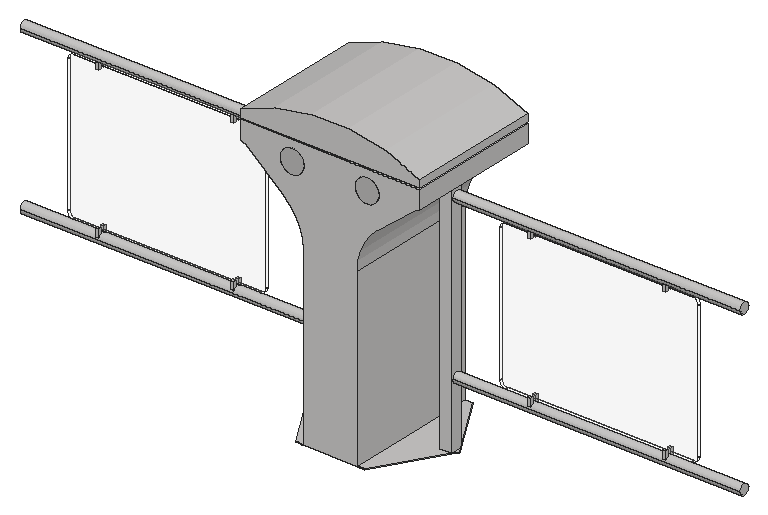
Revit family "CAME_Турникет_Калитка_SALOON_605СдвоеннаяДляМГН", category Специальное оборудование, Revit 2019
Family settings
  Размер круглого соединителя = Использовать диаметр
  Тип детали = Нормальный
  На основе рабочей плоскости = Нет
  Всегда вертикально = Да
  При загрузке вырезать с полостями = Нет
  Общий = Нет
  Точка расчета площади = Нет
Parameters
  Описание = "Турникет-калитка МГН моторизованная двухпроходная. Корпус и преграды - нержавеющая сталь AISI 304. Оснащена платой управления и светодиодными указателями прохода и направления. Сервопозиционный электропривод створки с определением препятствий и автоматической разблокировкой при отключении электроэнергии. Створки 900 мм с информационной вставкой. Время открытия 2.2 сек. Встроенный блок питания."
  Минимальная ширина проема = 2470 mm  # constant formula
  Изготовитель = "CAME"  # constant formula
  Группа модели = "Турникеты"
  r = 33.7 mm / 2  # 16.85 mm
  Watermark [instance] = "Модели защищены уникальным кодом"
  URL = "https://camerussia.com"
  CAME_Тип механизма турникета = "моторизованный"  # constant formula
  CAME_Напряжение электропитания двигателя (В) = 24 V  # constant formula
  CAME_Класс защиты (IP) = "54"  # constant formula
  CAME_Интенсивность использования (%) = "ИНТЕНСИВНОЕ"  # constant formula
  CAME_Диапазон рабочих температур (°C) = "-20 ÷ +68"  # constant formula
  CAME_Время открывания (с) = "1.5"  # constant formula
  BL_Разработано = "support@bimlib.pro"  # constant formula
  BL_Email = "cru.info@came.com"  # constant formula
  BL_BIM library = "https://bimlib.pro/manufacturer/came/cf0b6efe-31e5-4ffa-b7ea-1d6fa84041d4/?tab=products"
  ADSK_Размер_Ширина = 2400 mm  # constant formula
  ADSK_Размер_Глубина = 450 mm  # constant formula
  ADSK_Размер_Высота = 1000 mm  # constant formula
  ADSK_Полная мощность = ADSK_Номинальная мощность / ADSK_Коэффициент мощности  # 67.7083 VA
  ADSK_Обозначение = "ТУ 26.30.50-001-89603926-2021"  # constant formula
  ADSK_Номинальная мощность = 65 W  # constant formula
  ADSK_Напряжение = 230 V  # constant formula
  ADSK_Наименование краткое = "Турникет-калитка МГН SALOON 605 сдвоенная"  # constant formula
  ADSK_Наименование = "Турникет-калитка МГН моторизованная SALOON 605 сдвоенная"  # constant formula
  ADSK_Масса_Текст = ""
  ADSK_Масса = 0
  ADSK_Марка = "АРТ:001PSSL605D"  # constant formula
  ADSK_Коэффициент мощности = 0.96
  ADSK_Количество фаз = 1  # constant formula
  ADSK_Количество = 1  # constant formula
  ADSK_Код изделия = "Код КСР 26.30.50.119.61.2.07.09"  # constant formula
  ADSK_Классификация нагрузок = Прочее
  ADSK_Завод-изготовитель = "CAME"  # constant formula
  ADSK_Единица измерения = "шт."  # constant formula
  ADSK_Группирование = "SALOON"  # constant formula
  ADSK_Версия семейства = "1.0"  # constant formula
  ADSK_Версия Revit = "2019"  # constant formula
  ADSK_URL страницы изделия = "https://camerussia.com/product/001pssl605d/"
  ADSK_URL документации изделия = "https://camerussia.com/uploads/support/instructions/files/Инструкция%20STILE-TWISTER-SALOON.pdf"
Reference planes
  plane 1 "По центру (Вперед/Назад)": y = 0
  plane 2: z = 0
  plane 3 "По центру (Влево/Вправо)": x = 0
  plane 4: y = 225
  plane 5: y = -225
  plane 6: z = 1000
  plane 7: x = 1200
  plane 8: x = 300
  plane 9: x = 1235
  plane 10: x = 155
  plane 11: x = 90
  plane 12: x = -90
  plane 13: x = -155
  plane 14: x = -300
  plane 15: x = -1200
  plane 16: x = -1235
  plane 17: z = 905
  plane 18: z = 900
  plane 19: z = 205
  plane 20: z = 780
Forms (mm)
  Extrusion 1, solid, material "CAME_Сталь_Нержавеющая_AISI 304", detail levels fine
    sketch origin (0, 0, 0) x (1, 0, 0) y (0, 0, 1)
      loop
        line (90, 0) -> (90, 582.83)
        arc (90, 582.83) -> (107.451, 661.547) -> (156.534, 725.513) r 186.26
        line (156.534, 725.513) -> (282.633, 831.322)
        arc (282.633, 831.322) -> (290.784, 836.518) -> (300, 839.431) r 37.091
        line (300, 839.431) -> (300, 900) -> (0, 900) -> (-300, 900) -> (-300, 839.431)
        arc (-300, 839.431) -> (-290.807, 836.529) -> (-282.672, 831.355) r 37.091
        line (-282.672, 831.355) -> (-156.733, 725.978)
        arc (-156.733, 725.978) -> (-107.506, 661.962) -> (-90, 583.127) r 186.262
        line (-90, 583.127) -> (-90, 0) -> (90, 0)
      loop
        line (300, 905) -> (300, 930)
        arc (300, 930) -> (0, 1000) -> (-300, 930) r 677.857
        line (-300, 930) -> (-300, 905) -> (300, 905)
    from -225 to 225
  Extrusion 2, solid, material "CAME_Стекло_Закаленное_Черное", detail levels fine
    sketch origin (866.16, -225, 1200) x (1, 0, 0) y (0, 0, 1)
      loop
        circle (-741.16, -365) r 40
      loop
        circle (-991.16, -365) r 40
    from 0 to 2
  Extrusion 3, solid, material "CAME_Стекло_Закаленное_Черное", detail levels fine
    sketch origin (-872.529, 225, 1200) x (-1, 0, 0) y (0, 0, 1)
      loop
        circle (-997.529, -365) r 40
      loop
        circle (-747.529, -365) r 40
    from 0 to 2
  Extrusion 4, solid, material "CAME_Сталь_Нержавеющая_AISI 304", detail levels medium
    sketch origin (0, 0, 0) x (1, 0, 0) y (0, 0, 1)
      loop
        line (-90, 0) -> (90, 0) -> (90, 669.684) -> (300, 845.895) -> (300, 930)
        arc (300, 930) -> (0, 1000) -> (-300, 930) r 677.857
        line (-300, 930) -> (-300, 845.854) -> (-90, 670.14) -> (-90, 0)
    from -225 to 225
  Extrusion 5, solid, material "CAME_Сталь_Нержавеющая_AISI 304", detail levels medium+fine
    sketch origin (0, 0, 0) x (1, 0, 0) y (0, 0, 1)
      loop
        line (-240, 795.65) -> (-240, 0) -> (-200, 0) -> (-200, 762.181) -> (-240, 795.65)
      loop
        line (240, 795.549) -> (200, 761.985) -> (200, 0) -> (240, 0) -> (240, 795.549)
    from -20 to 20
  Extrusion 6, solid, material "CAME_Сталь_Нержавеющая_AISI 304", detail levels medium+fine
    sketch origin (-300, -741.968, 1200) x (0, -1, 0) y (0, 0, 1)
      loop
        circle (-741.968, -436.85) r 16.85
      loop
        circle (-741.968, -978.15) r 16.85
    from 900 to -60
  Extrusion 7, solid, material "CAME_Сталь_Нержавеющая_AISI 304", detail levels medium+fine
    sketch origin (300, 748.337, 1200) x (0, 1, 0) y (0, 0, 1)
      loop
        circle (-748.337, -436.85) r 16.85
      loop
        circle (-748.337, -978.15) r 16.85
    from -60 to 900
  Extrusion 8, solid, material "CAME_Сталь_Нержавеющая_AISI 304", detail levels medium+fine
    sketch origin (0, 0, 0) x (1, 0, 0) y (0, 1, 0)
      loop
        line (90, -225) -> (116.208, -225) -> (252.077, 0) -> (116.208, 225) -> (90, 225) -> (90, -225)
      loop
        line (-90, -225) -> (-90, 225) -> (-116.208, 225) -> (-252.077, 0) -> (-116.208, -225) -> (-90, -225)
    from 0 to 2
  Extrusion 9, solid, material "CAME_Стекло_Закаленное", detail levels fine
    sketch origin (0, 0, 0) x (1, 0, 0) y (0, 0, 1)
      loop
        arc (410, 740) -> (395.858, 734.142) -> (390, 720) r 20
        line (390, 720) -> (390, 265)
        arc (390, 265) -> (395.858, 250.858) -> (410, 245) r 20
        line (410, 245) -> (1030, 245)
        arc (1030, 245) -> (1044.142, 250.858) -> (1050, 265) r 20
        line (1050, 265) -> (1050, 720)
        arc (1050, 720) -> (1044.142, 734.142) -> (1030, 740) r 20
        line (1030, 740) -> (410, 740)
      loop
        line (-410, 740) -> (-1030, 740)
        arc (-1030, 740) -> (-1044.142, 734.142) -> (-1050, 720) r 20
        line (-1050, 720) -> (-1050, 265)
        arc (-1050, 265) -> (-1044.142, 250.858) -> (-1030, 245) r 20
        line (-1030, 245) -> (-410, 245)
        arc (-410, 245) -> (-395.858, 250.858) -> (-390, 265) r 20
        line (-390, 265) -> (-390, 720)
        arc (-390, 720) -> (-395.858, 734.142) -> (-410, 740) r 20
    from -5 to 5
  Extrusion 10, solid, material "CAME_Сталь_Нержавеющая_AISI 304", detail levels fine
    sketch origin (300, 748.337, 1200) x (0, 1, 0) y (0, 0, 1)
      loop
        arc (-733.337, -444.526) -> (-737.487, -449.743) -> (-743.337, -452.941) r 16.85
        line (-743.337, -452.941) -> (-743.337, -470) -> (-733.337, -470) -> (-733.337, -444.526)
      loop
        arc (-753.337, -452.941) -> (-759.186, -449.743) -> (-763.337, -444.526) r 16.85
        line (-763.337, -444.526) -> (-763.337, -470) -> (-753.337, -470) -> (-753.337, -452.941)
      loop
        line (-733.337, -970.474) -> (-733.337, -945) -> (-743.337, -945) -> (-743.337, -962.059)
        arc (-743.337, -962.059) -> (-737.487, -965.257) -> (-733.337, -970.474) r 16.85
      loop
        line (-753.337, -962.059) -> (-753.337, -945) -> (-763.337, -945) -> (-763.337, -970.474)
        arc (-763.337, -970.474) -> (-759.186, -965.257) -> (-753.337, -962.059) r 16.85
    from 190 to 200
  Extrusion 11, solid, material "CAME_Сталь_Нержавеющая_AISI 304", detail levels fine
    sketch origin (300, 748.337, 1200) x (0, 1, 0) y (0, 0, 1)
      loop
        line (-763.337, -470) -> (-753.337, -470) -> (-753.337, -452.941)
        arc (-753.337, -452.941) -> (-759.186, -449.743) -> (-763.337, -444.526) r 16.85
        line (-763.337, -444.526) -> (-763.337, -470)
      loop
        line (-733.337, -470) -> (-733.337, -444.526)
        arc (-733.337, -444.526) -> (-737.487, -449.743) -> (-743.337, -452.941) r 16.85
        line (-743.337, -452.941) -> (-743.337, -470) -> (-733.337, -470)
      loop
        arc (-763.337, -970.474) -> (-759.186, -965.257) -> (-753.337, -962.059) r 16.85
        line (-753.337, -962.059) -> (-753.337, -945) -> (-763.337, -945) -> (-763.337, -970.474)
      loop
        line (-733.337, -945) -> (-743.337, -945) -> (-743.337, -962.059)
        arc (-743.337, -962.059) -> (-737.487, -965.257) -> (-733.337, -970.474) r 16.85
        line (-733.337, -970.474) -> (-733.337, -945)
    from 640 to 650
  Extrusion 12, solid, material "CAME_Сталь_Нержавеющая_AISI 304", detail levels fine
    sketch origin (-300, -741.968, 1200) x (0, -1, 0) y (0, 0, 1)
      loop
        line (-756.968, -444.526) -> (-756.968, -470) -> (-746.968, -470) -> (-746.968, -452.941)
        arc (-746.968, -452.941) -> (-752.817, -449.743) -> (-756.968, -444.526) r 16.85
      loop
        line (-736.968, -452.941) -> (-736.968, -470) -> (-726.968, -470) -> (-726.968, -444.526)
        arc (-726.968, -444.526) -> (-731.119, -449.743) -> (-736.968, -452.941) r 16.85
      loop
        arc (-756.968, -970.474) -> (-752.817, -965.257) -> (-746.968, -962.059) r 16.85
        line (-746.968, -962.059) -> (-746.968, -945) -> (-756.968, -945) -> (-756.968, -970.474)
      loop
        arc (-736.968, -962.059) -> (-731.119, -965.257) -> (-726.968, -970.474) r 16.85
        line (-726.968, -970.474) -> (-726.968, -945) -> (-736.968, -945) -> (-736.968, -962.059)
    from 190 to 200
  Extrusion 13, solid, material "CAME_Сталь_Нержавеющая_AISI 304", detail levels fine
    sketch origin (-300, -741.968, 1200) x (0, -1, 0) y (0, 0, 1)
      loop
        line (-726.968, -470) -> (-726.968, -444.526)
        arc (-726.968, -444.526) -> (-731.119, -449.743) -> (-736.968, -452.941) r 16.85
        line (-736.968, -452.941) -> (-736.968, -470) -> (-726.968, -470)
      loop
        line (-756.968, -470) -> (-746.968, -470) -> (-746.968, -452.941)
        arc (-746.968, -452.941) -> (-752.817, -449.743) -> (-756.968, -444.526) r 16.85
        line (-756.968, -444.526) -> (-756.968, -470)
      loop
        line (-726.968, -970.474) -> (-726.968, -945) -> (-736.968, -945) -> (-736.968, -962.059)
        arc (-736.968, -962.059) -> (-731.119, -965.257) -> (-726.968, -970.474) r 16.85
      loop
        line (-756.968, -945) -> (-756.968, -970.474)
        arc (-756.968, -970.474) -> (-752.817, -965.257) -> (-746.968, -962.059) r 16.85
        line (-746.968, -962.059) -> (-746.968, -945) -> (-756.968, -945)
    from 640 to 650
  Extrusion 14, solid, material "CAME_Стекло_Закаленное", detail levels medium
    sketch origin (300, 748.337, 1200) x (0, 1, 0) y (0, 0, 1)
      loop
        arc (-743.337, -452.941) -> (-748.337, -453.7) -> (-753.337, -452.941) r 16.85
        line (-753.337, -452.941) -> (-753.337, -962.059)
        arc (-753.337, -962.059) -> (-748.337, -961.3) -> (-743.337, -962.059) r 16.85
        line (-743.337, -962.059) -> (-743.337, -452.941)
    from 90 to 750
  Extrusion 15, solid, material "CAME_Стекло_Закаленное", detail levels medium
    sketch origin (-300, -741.968, 1200) x (0, -1, 0) y (0, 0, 1)
      loop
        line (-746.968, -452.941) -> (-746.968, -962.059)
        arc (-746.968, -962.059) -> (-741.968, -961.3) -> (-736.968, -962.059) r 16.85
        line (-736.968, -962.059) -> (-736.968, -452.941)
        arc (-736.968, -452.941) -> (-741.968, -453.7) -> (-746.968, -452.941) r 16.85
    from 90 to 750
Cuts and joins
  joined: Extrusion 5, Extrusion 8
Lines and regions (mm)
  model lines, style "CAME", detail levels coarse
    curve 1: line (-300, 225, 0) -> (300, 225, 0)
    curve 2: line (-300, -225, 0) -> (-300, 225, 0)
    curve 3: line (300, -225, 0) -> (-300, -225, 0)
    curve 4: line (300, 225, 0) -> (300, -225, 0)
    curve 5: line (300, 0, 0) -> (1200, 0, 0)
    curve 6: line (-300, 0, 0) -> (-1200, 0, 0)
    curve 7: line (-90, 225, 0) -> (-90, -225, 0)
    curve 8: line (90, 225, 0) -> (90, -225, 0)
Dimensions and locks
  equal spacing: plane 5, plane 1 "По центру (Вперед/Назад)", plane 4
  "ADSK_Размер_Глубина": plane 5 to plane 4
  "ADSK_Размер_Высота": plane 6 to plane 2
  locked: plane 3 "По центру (Влево/Вправо)" to plane 8 at 300
  locked: plane 10 to plane 8 at 145
  locked: plane 6 to Extrusion 2 sketch curve at 165  (x2)
  Extrusion 2 sketch curve to plane 3 "По центру (Влево/Вправо)" to Extrusion 2 sketch curve = 125 mm locked, 125 mm locked
  locked: plane 11 to plane 3 "По центру (Влево/Вправо)" at 90
  locked: plane 14 to plane 3 "По центру (Влево/Вправо)" at 300
  locked: plane 12 to plane 3 "По центру (Влево/Вправо)" at 90
  locked: plane 14 to plane 13 at 145
  equal spacing: plane 15, plane 3 "По центру (Влево/Вправо)", plane 7
  equal spacing: plane 16, plane 3 "По центру (Влево/Вправо)", plane 9
  "ADSK_Размер_Ширина": plane 15 to plane 7
  "Минимальная ширина проема": plane 16 to plane 9
  plane 6 to plane 17 to plane 18 = 95 mm locked, 5 mm locked
  locked: plane 20 to plane 19 at 575
  locked: plane 19 to plane 2 at 205
  plane 14 to Extrusion 5 sketch curve to Extrusion 5 sketch curve = 60 mm locked, 40 mm locked
  plane 8 to Extrusion 5 sketch curve to Extrusion 5 sketch curve = 60 mm locked, 40 mm locked
  "r": Extrusion 6 sketch curve to plane 19
  "r": Extrusion 6 sketch curve to plane 20
  "r": Extrusion 7 sketch curve to plane 20
  "r": Extrusion 7 sketch curve to plane 19
  locked: Extrusion 9 sketch curve to plane 15 at 150
  locked: cut or joined group of Extrusion 5, Extrusion 8 to Extrusion 9 sketch curve at 150
  locked: Extrusion 9 sketch curve to cut or joined group of Extrusion 5, Extrusion 8 at 150
  locked: Extrusion 9 sketch curve to plane 7 at 150
  locked: plane 20 to Extrusion 9 sketch curve at 40  (x2)
  locked: Extrusion 9 sketch curve to plane 19 at 40  (x2)
  "r": radius of Extrusion 6 sketch curve  (x2)
  "r": radius of Extrusion 7 sketch curve  (x2)
  radius of Extrusion 9 sketch curve = 20 mm  (x8)
  aligned and locked: level to plane 2
  aligned and locked: plane 4 to Extrusion 1
  aligned and locked: plane 5 to Extrusion 1
  aligned and locked: Extrusion 3 sketch curve to Extrusion 2  (x4)
  aligned and locked: plane 2 to Extrusion 1 sketch curve
  aligned and locked: Extrusion 1 sketch curve to plane 12
  aligned and locked: Extrusion 1 sketch curve to plane 11
  aligned and locked: Extrusion 4 sketch curve to Extrusion 1  (x7)
  aligned and locked: Extrusion 1 to Extrusion 4 sketch curve
  aligned and locked: plane 4 to Extrusion 4
  aligned and locked: plane 5 to Extrusion 4
  aligned and locked: Extrusion 5 sketch curve to Extrusion 1
  aligned and locked: Extrusion 5 sketch curve to plane 2
  aligned and locked: Extrusion 1 to Extrusion 5 sketch curve
  aligned and locked: plane 2 to Extrusion 5 sketch curve
  aligned and locked: plane 1 "По центру (Вперед/Назад)" to Extrusion 6 sketch curve  (x2)
  aligned and locked: Extrusion 6 to plane 15
  aligned and locked: Extrusion 6 to Extrusion 5
  aligned and locked: plane 1 "По центру (Вперед/Назад)" to Extrusion 7 sketch curve  (x2)
  aligned and locked: plane 7 to Extrusion 7
  aligned and locked: Extrusion 7 to Extrusion 5
  aligned and locked: plane 4 to Extrusion 8 sketch curve
  aligned and locked: Extrusion 8 sketch curve to plane 4
  aligned and locked: Extrusion 8 sketch curve to plane 11
  aligned and locked: Extrusion 8 sketch curve to plane 12
  aligned and locked: Extrusion 8 sketch curve to plane 5
  aligned and locked: plane 5 to Extrusion 8 sketch curve
  aligned and locked: Extrusion 10 sketch curve to Extrusion 6  (x2)
  aligned and locked: Extrusion 9 to Extrusion 10 sketch curve
  aligned and locked: Extrusion 10 sketch curve to Extrusion 9
  aligned and locked: Extrusion 11 sketch curve to Extrusion 10  (x16)
  aligned and locked: Extrusion 13 sketch curve to Extrusion 12  (x16)
  aligned and locked: Extrusion 14 sketch curve to Extrusion 6  (x2)
  aligned and locked: Extrusion 14 sketch curve to Extrusion 9  (x2)
  aligned and locked: Extrusion 15 sketch curve to Extrusion 6  (x2)
  aligned and locked: Extrusion 15 sketch curve to Extrusion 9  (x2)
  aligned and locked: curve 7 to Extrusion 1
  aligned and locked: curve 8 to Extrusion 1
Automatic sketch dimensions
  plane 14 to Extrusion 1 sketch curve = 0 mm  (x2)
  Extrusion 1 sketch curve to plane 3 "По центру (Влево/Вправо)" = 0 mm  (x2)
  Extrusion 1 sketch curve to plane 8 = 0 mm  (x2)
  Extrusion 1 sketch curve to plane 18 = 0 mm
  Extrusion 1 sketch curve to plane 17 = 0 mm
  plane 14 to Extrusion 1 sketch curve = 6.474 mm
  Extrusion 1 sketch curve to plane 14 = 17.328 mm
  Extrusion 1 sketch curve to plane 14 = 23.738 mm
  Extrusion 1 sketch curve to plane 13 = 1.733 mm
  Extrusion 1 sketch curve to plane 10 = 1.534 mm
  Extrusion 1 sketch curve to plane 8 = 23.74 mm
  Extrusion 1 sketch curve to plane 8 = 17.367 mm
  plane 8 to Extrusion 1 sketch curve = 6.474 mm
  plane 19 to Extrusion 1 sketch curve = 117.143 mm
  plane 20 to Extrusion 1 sketch curve = 197.17 mm
  plane 20 to Extrusion 1 sketch curve = 196.873 mm
  Extrusion 1 sketch curve to plane 20 = 22.909 mm  (x2)
  Extrusion 1 sketch curve to Extrusion 1 sketch curve = 28.413 mm
  Extrusion 1 sketch curve to Extrusion 1 sketch curve = 28.446 mm
  Extrusion 1 sketch curve to Extrusion 1 sketch curve = 25 mm
  plane 1 "По центру (Вперед/Назад)" to Extrusion 8 sketch curve = 0 mm
  Extrusion 8 sketch curve to plane 1 "По центру (Вперед/Назад)" = 0 mm
  Extrusion 8 sketch curve to Extrusion 8 sketch curve = 26.208 mm  (x4)
  Extrusion 8 sketch curve to plane 14 = 47.923 mm
  Extrusion 8 sketch curve to plane 8 = 47.923 mm
  Extrusion 10 sketch curve to Extrusion 10 sketch curve = 0 mm  (x4)
  Extrusion 10 sketch curve to plane 1 "По центру (Вперед/Назад)" = 0 mm
  Extrusion 10 sketch curve to Extrusion 10 sketch curve = 10 mm  (x3)
  plane 1 "По центру (Вперед/Назад)" to Extrusion 10 sketch curve = 15 mm
  plane 1 "По центру (Вперед/Назад)" to Extrusion 10 sketch curve = 5 mm
  Extrusion 10 sketch curve to plane 1 "По центру (Вперед/Назад)" = 5 mm
  Extrusion 10 sketch curve to Extrusion 10 sketch curve = 17.059 mm  (x3)
  plane 19 to Extrusion 10 sketch curve = 50 mm
  Extrusion 10 sketch curve to Extrusion 10 sketch curve = 8.415 mm
  Extrusion 12 sketch curve to Extrusion 12 sketch curve = 0 mm  (x7)
  Extrusion 12 sketch curve to plane 1 "По центру (Вперед/Назад)" = 0 mm  (x2)
  Extrusion 12 sketch curve to plane 1 "По центру (Вперед/Назад)" = 5 mm  (x2)
  Extrusion 12 sketch curve to Extrusion 12 sketch curve = 10 mm  (x4)
  plane 1 "По центру (Вперед/Назад)" to Extrusion 12 sketch curve = 5 mm  (x2)
  plane 19 to Extrusion 12 sketch curve = 16.85 mm
  Extrusion 12 sketch curve to Extrusion 12 sketch curve = 7.676 mm  (x2)
  Extrusion 12 sketch curve to Extrusion 12 sketch curve = 17.059 mm  (x2)
  plane 20 to Extrusion 12 sketch curve = 50 mm
  Extrusion 12 sketch curve to Extrusion 12 sketch curve = 8.415 mm
  plane 1 "По центру (Вперед/Назад)" to curve 6 = 0 mm
  curve 6 to plane 15 = 0 mm
  curve 1 to plane 14 = 0 mm
  plane 5 to curve 4 = 0 mm
  curve 4 to plane 8 = 0 mm
  plane 1 "По центру (Вперед/Назад)" to curve 5 = 0 mm
  curve 5 to plane 7 = 0 mm
  curve 8 to plane 4 = 0 mm
  radius of Extrusion 2 sketch curve = 40 mm  (x2)
Connectors
  electrical at (0, 0, 0), driven by "ADSK_Количество фаз", driven by "ADSK_Классификация нагрузок", driven by "ADSK_Напряжение", driven by "ADSK_Полная мощность", driven by "ADSK_Коэффициент мощности"
    settings: on Extrusion 1, index 1, voltage 230 V, apparent load 0 VA, apparent load phase1 67.7083 VA, apparent load phase2 0 VA, apparent load phase3 0 VA, power factor 0.96, load classification "Прочее", number of poles 1, system type 31, power factor state 1, is connector primary yes, connector utility no, sub classification motor no, connector description ""
